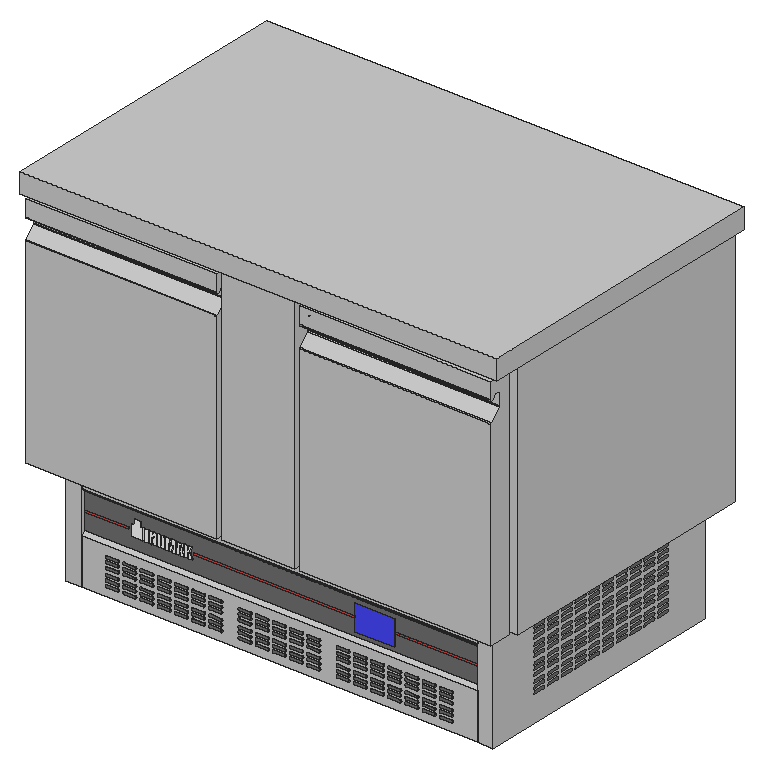
Revit family "QF_INOMAK_BPVP7300_250611012940", category Specialty Equipment, Revit 2021 (continued)
Definition of nested family "QF_INOMAK_REF_BASE_MOTOR_2920"
  Forms (mm)
    Extrusion 20, solid
      sketch origin (1041, 1580.136, -390.167) x (0, 1, 0) y (0, 0, -1)
        loop
          arc (-1922.436, -486.535) -> (-1919.436, -483.535) -> (-1922.436, -480.535) r 3
          line (-1922.436, -480.535) -> (-1946.436, -480.535)
          arc (-1946.436, -480.535) -> (-1949.436, -483.535) -> (-1946.436, -486.535) r 3
        loop
          line (-1907.436, -486.535) -> (-1883.436, -486.535)
          arc (-1883.436, -486.535) -> (-1880.436, -483.535) -> (-1883.436, -480.535) r 3
          line (-1883.436, -480.535) -> (-1907.436, -480.535)
          arc (-1907.436, -480.535) -> (-1910.436, -483.535) -> (-1907.436, -486.535) r 3
        loop
          line (-1868.436, -486.535) -> (-1844.436, -486.535)
          arc (-1844.436, -486.535) -> (-1841.436, -483.535) -> (-1844.436, -480.535) r 3
          line (-1844.436, -480.535) -> (-1868.436, -480.535)
          arc (-1868.436, -480.535) -> (-1871.436, -483.535) -> (-1868.436, -486.535) r 3
        loop
          line (-1829.436, -486.535) -> (-1805.436, -486.535)
          arc (-1805.436, -486.535) -> (-1802.436, -483.535) -> (-1805.436, -480.535) r 3
          line (-1805.436, -480.535) -> (-1829.436, -480.535)
          arc (-1829.436, -480.535) -> (-1832.436, -483.535) -> (-1829.436, -486.535) r 3
        loop
          line (-1790.436, -486.535) -> (-1766.436, -486.535)
          arc (-1766.436, -486.535) -> (-1763.436, -483.535) -> (-1766.436, -480.535) r 3
          line (-1766.436, -480.535) -> (-1790.436, -480.535)
          arc (-1790.436, -480.535) -> (-1793.436, -483.535) -> (-1790.436, -486.535) r 3
        loop
          line (-1751.436, -486.535) -> (-1727.436, -486.535)
          arc (-1727.436, -486.535) -> (-1724.436, -483.535) -> (-1727.436, -480.535) r 3
          line (-1727.436, -480.535) -> (-1751.436, -480.535)
          arc (-1751.436, -480.535) -> (-1754.436, -483.535) -> (-1751.436, -486.535) r 3
        loop
          line (-1985.436, -475.535) -> (-1961.436, -475.535)
          arc (-1961.436, -475.535) -> (-1958.436, -472.535) -> (-1961.436, -469.535) r 3
          line (-1961.436, -469.535) -> (-1985.436, -469.535)
          arc (-1985.436, -469.535) -> (-1988.436, -472.535) -> (-1985.436, -475.535) r 3
        loop
          line (-1946.436, -475.535) -> (-1922.436, -475.535)
          arc (-1922.436, -475.535) -> (-1919.436, -472.535) -> (-1922.436, -469.535) r 3
          line (-1922.436, -469.535) -> (-1946.436, -469.535)
          arc (-1946.436, -469.535) -> (-1949.436, -472.535) -> (-1946.436, -475.535) r 3
        loop
          line (-1907.436, -475.535) -> (-1883.436, -475.535)
          arc (-1883.436, -475.535) -> (-1880.436, -472.535) -> (-1883.436, -469.535) r 3
          line (-1883.436, -469.535) -> (-1907.436, -469.535)
          arc (-1907.436, -469.535) -> (-1910.436, -472.535) -> (-1907.436, -475.535) r 3
        loop
          line (-1868.436, -475.535) -> (-1844.436, -475.535)
          arc (-1844.436, -475.535) -> (-1841.436, -472.535) -> (-1844.436, -469.535) r 3
          line (-1844.436, -469.535) -> (-1868.436, -469.535)
          arc (-1868.436, -469.535) -> (-1871.436, -472.535) -> (-1868.436, -475.535) r 3
        loop
          line (-1829.436, -475.535) -> (-1805.436, -475.535)
          arc (-1805.436, -475.535) -> (-1802.436, -472.535) -> (-1805.436, -469.535) r 3
          line (-1805.436, -469.535) -> (-1829.436, -469.535)
          arc (-1829.436, -469.535) -> (-1832.436, -472.535) -> (-1829.436, -475.535) r 3
        loop
          line (-1790.436, -475.535) -> (-1766.436, -475.535)
          arc (-1766.436, -475.535) -> (-1763.436, -472.535) -> (-1766.436, -469.535) r 3
          line (-1766.436, -469.535) -> (-1790.436, -469.535)
          arc (-1790.436, -469.535) -> (-1793.436, -472.535) -> (-1790.436, -475.535) r 3
        loop
          line (-1751.436, -475.535) -> (-1727.436, -475.535)
          arc (-1727.436, -475.535) -> (-1724.436, -472.535) -> (-1727.436, -469.535) r 3
          line (-1727.436, -469.535) -> (-1751.436, -469.535)
          arc (-1751.436, -469.535) -> (-1754.436, -472.535) -> (-1751.436, -475.535) r 3
        loop
          line (-2102.436, -534.535) -> (-2078.436, -534.535)
          arc (-2078.436, -534.535) -> (-2075.436, -531.535) -> (-2078.436, -528.535) r 3
          line (-2078.436, -528.535) -> (-2102.436, -528.535)
          arc (-2102.436, -528.535) -> (-2105.436, -531.535) -> (-2102.436, -534.535) r 3
        loop
          line (-2063.436, -534.535) -> (-2039.436, -534.535)
          arc (-2039.436, -534.535) -> (-2036.436, -531.535) -> (-2039.436, -528.535) r 3
          line (-2039.436, -528.535) -> (-2063.436, -528.535)
          arc (-2063.436, -528.535) -> (-2066.436, -531.535) -> (-2063.436, -534.535) r 3
        loop
          line (-2024.436, -534.535) -> (-2000.436, -534.535)
          arc (-2000.436, -534.535) -> (-1997.436, -531.535) -> (-2000.436, -528.535) r 3
          line (-2000.436, -528.535) -> (-2024.436, -528.535)
          arc (-2024.436, -528.535) -> (-2027.436, -531.535) -> (-2024.436, -534.535) r 3
        loop
          line (-2102.436, -523.535) -> (-2078.436, -523.535)
          arc (-2078.436, -523.535) -> (-2075.436, -520.535) -> (-2078.436, -517.535) r 3
          line (-2078.436, -517.535) -> (-2102.436, -517.535)
          arc (-2102.436, -517.535) -> (-2105.436, -520.535) -> (-2102.436, -523.535) r 3
        loop
          line (-2063.436, -523.535) -> (-2039.436, -523.535)
          arc (-2039.436, -523.535) -> (-2036.436, -520.535) -> (-2039.436, -517.535) r 3
          line (-2039.436, -517.535) -> (-2063.436, -517.535)
          arc (-2063.436, -517.535) -> (-2066.436, -520.535) -> (-2063.436, -523.535) r 3
        loop
          line (-2024.436, -523.535) -> (-2000.436, -523.535)
          arc (-2000.436, -523.535) -> (-1997.436, -520.535) -> (-2000.436, -517.535) r 3
          line (-2000.436, -517.535) -> (-2024.436, -517.535)
          arc (-2024.436, -517.535) -> (-2027.436, -520.535) -> (-2024.436, -523.535) r 3
        loop
          line (-2102.436, -512.535) -> (-2078.436, -512.535)
          arc (-2078.436, -512.535) -> (-2075.436, -509.535) -> (-2078.436, -506.535) r 3
          line (-2078.436, -506.535) -> (-2102.436, -506.535)
          arc (-2102.436, -506.535) -> (-2105.436, -509.535) -> (-2102.436, -512.535) r 3
        loop
          line (-2063.436, -512.535) -> (-2039.436, -512.535)
          arc (-2039.436, -512.535) -> (-2036.436, -509.535) -> (-2039.436, -506.535) r 3
          line (-2039.436, -506.535) -> (-2063.436, -506.535)
          arc (-2063.436, -506.535) -> (-2066.436, -509.535) -> (-2063.436, -512.535) r 3
        loop
          line (-2024.436, -512.535) -> (-2000.436, -512.535)
          arc (-2000.436, -512.535) -> (-1997.436, -509.535) -> (-2000.436, -506.535) r 3
          line (-2000.436, -506.535) -> (-2024.436, -506.535)
          arc (-2024.436, -506.535) -> (-2027.436, -509.535) -> (-2024.436, -512.535) r 3
        loop
          line (-2102.436, -497.535) -> (-2078.436, -497.535)
          arc (-2078.436, -497.535) -> (-2075.436, -494.535) -> (-2078.436, -491.535) r 3
          line (-2078.436, -491.535) -> (-2102.436, -491.535)
          arc (-2102.436, -491.535) -> (-2105.436, -494.535) -> (-2102.436, -497.535) r 3
        loop
          line (-2063.436, -497.535) -> (-2039.436, -497.535)
          arc (-2039.436, -497.535) -> (-2036.436, -494.535) -> (-2039.436, -491.535) r 3
          line (-2039.436, -491.535) -> (-2063.436, -491.535)
          arc (-2063.436, -491.535) -> (-2066.436, -494.535) -> (-2063.436, -497.535) r 3
        loop
          line (-2024.436, -497.535) -> (-2000.436, -497.535)
          arc (-2000.436, -497.535) -> (-1997.436, -494.535) -> (-2000.436, -491.535) r 3
          line (-2000.436, -491.535) -> (-2024.436, -491.535)
          arc (-2024.436, -491.535) -> (-2027.436, -494.535) -> (-2024.436, -497.535) r 3
        loop
          line (-2102.436, -486.535) -> (-2078.436, -486.535)
          arc (-2078.436, -486.535) -> (-2075.436, -483.535) -> (-2078.436, -480.535) r 3
          line (-2078.436, -480.535) -> (-2102.436, -480.535)
          arc (-2102.436, -480.535) -> (-2105.436, -483.535) -> (-2102.436, -486.535) r 3
        loop
          line (-2063.436, -486.535) -> (-2039.436, -486.535)
          arc (-2039.436, -486.535) -> (-2036.436, -483.535) -> (-2039.436, -480.535) r 3
          line (-2039.436, -480.535) -> (-2063.436, -480.535)
          arc (-2063.436, -480.535) -> (-2066.436, -483.535) -> (-2063.436, -486.535) r 3
        loop
          line (-2024.436, -486.535) -> (-2000.436, -486.535)
          arc (-2000.436, -486.535) -> (-1997.436, -483.535) -> (-2000.436, -480.535) r 3
          line (-2000.436, -480.535) -> (-2024.436, -480.535)
          arc (-2024.436, -480.535) -> (-2027.436, -483.535) -> (-2024.436, -486.535) r 3
        loop
          line (-2102.436, -475.535) -> (-2078.436, -475.535)
          arc (-2078.436, -475.535) -> (-2075.436, -472.535) -> (-2078.436, -469.535) r 3
          line (-2078.436, -469.535) -> (-2102.436, -469.535)
          arc (-2102.436, -469.535) -> (-2105.436, -472.535) -> (-2102.436, -475.535) r 3
        loop
          line (-2063.436, -475.535) -> (-2039.436, -475.535)
          arc (-2039.436, -475.535) -> (-2036.436, -472.535) -> (-2039.436, -469.535) r 3
          line (-2039.436, -469.535) -> (-2063.436, -469.535)
          arc (-2063.436, -469.535) -> (-2066.436, -472.535) -> (-2063.436, -475.535) r 3
        loop
          line (-2024.436, -475.535) -> (-2000.436, -475.535)
          arc (-2000.436, -475.535) -> (-1997.436, -472.535) -> (-2000.436, -469.535) r 3
          line (-2000.436, -469.535) -> (-2024.436, -469.535)
          arc (-2024.436, -469.535) -> (-2027.436, -472.535) -> (-2024.436, -475.535) r 3
      from 16.5 to 19
  Lines and regions (mm)
    symbolic lines, visible <- "Show Clearance"
      curve 1: line (0, -700, 0) -> (0, -25, 0)
      curve 4: line (1080, -700, 0) -> (1080, -25, 0)
      curve 5: line (0, -25, 0) -> (1080, -25, 0)
      curve 6: line (1080, -700, 0) -> (0, -700, 0)
    symbolic lines
      curve 2: line (12, -1118, 0) -> (12, -700, 0)
      curve 3: arc (12, -1118, 0) -> (312.243, -995.109, 0) -> (447, -700, 0) r 440.665
      curve 7: line (1068, -1118, 0) -> (1068, -700, 0)
      curve 8: arc (1068, -1118, 0) -> (767.757, -995.109, 0) -> (633, -700, 0) r 440.665
  Dimensions and locks
    plane 3 "Left" to plane 4 "Right" = 1080 mm
    plane 5 "Front" to plane 1 "Back" = 700 mm
    plane 6 "Top" to level = 812 mm  (x2)
    aligned and locked: level to plane 2
Definition of nested family "QF_INOMAK_REF_COUNTERS_WORKTOPS_5707"
  Parameters (values of type "WTWA-1545-700")
    Worktop without backsplash [instance] = Worktop type = 3  # no
    Worktop with backsplash [instance] = Worktop type = 2  # yes
    Worktop type [instance] = 2
    Worktop thickness [instance] = 46 mm
    Without worktop [instance] = or(Worktop type > 3, Worktop type < 2)  # no
    Weight [instance] = 0.00 kg
    Warranty Start Date [instance] = ""
    Warranty Duration [instance] = ""
    URL Cutsheet [instance] = ""
    URL = "www.inomak.com"
    Technical Documentation [instance] = ""
    Tag Number [instance] = ""
    Status [instance] = ""
    Specification by User [instance] = ""
    Specification by Manufacturer [instance] = ""
    Sound Level [instance] = ""
    Solid Fuel Type [instance] = ""
    Show Logo [instance] = yes
    Show Clearances [instance] = yes
    Service Life Duration [instance] = ""
    Serial Number [instance] = ""
    Seismic Rating [instance] = ""
    SMACNA No [instance] = ""
    Revision Code [instance] = ""
    Revision [instance] = ""
    Production Year [instance] = ""
    Point Load [instance] = 0
    Other Equipment Approvals [instance] = ""
    NAFEM Spec ID Number [instance] = ""
    Model Warning [instance] = ""
    Model = "WTWA"
    Masterspec [instance] = ""
    Manufacturer = "INOMAK"
    Length Actual [instance] = 1546 mm
    Item Number [instance] = ""
    Installed By [instance] = ""
    Installation Date [instance] = ""
    Identify Quantity as Lot [instance] = yes
    ID [instance] = ""
    Hygiene Approval [instance] = ""
    Height Actual [instance] = 0 mm
    Height AFF [instance] = 0 mm
    Furnished By [instance] = ""
    Foodservice Equipment Identifier [instance] = yes
    Finish [instance] = none
    ETL Approved [instance] = yes
    Description = "WORKTOP WITH UPSTAND"
    Depth Actual [instance] = 700 mm
    Default Elevation = 0 mm
    CSI MasterFormat [instance] = ""
    CE Approved [instance] = yes
    Barcode [instance] = ""
    Backsplash thickness [instance] = 20 mm
    Backsplash height [instance] = 60 mm
    Author [instance] = ""
    Asset Identifier [instance] = ""
    Assembly Code = "E1090320"
    Accessory [instance] = yes
  Types (40, lengths in mm): name | Worktop without backsplash | Worktop with backsplash | Worktop type | Worktop thickness | Without worktop | Model | Length Actual | Description | Depth Actual
    WTWT-2240-700 | yes | no | 3 | 46 | no | "WTWT" | 2242 | "STANDARD WORKTOP" | 700
    WTWA-2240-700 | no | yes | 2 | 46 | no | "WTWA" | 2242 | "WORKTOP WITH UPSTAND" | 700
    WOWT-2240-700 | no | no | 1 | 46 | yes | "WOWT" | 2242 | "WITHOUT WORKTOP" | 700
    WTWA-1790-700 | no | yes | 2 | 46 | no | "WTWA" | 1792 | "WORKTOP WITH UPSTAND" | 700
    WTWA-1345-700 | no | yes | 2 | 46 | no | "WTWA" | 1342 | "WORKTOP WITH UPSTAND" | 700
    WOWT-1790-700 | no | no | 1 | 46 | yes | "WOWT" | 1792 | "WITHOUT WORKTOP" | 700
    WOWT-1345-700 | no | no | 1 | 46 | yes | "WOWT" | 1342 | "WITHOUT WORKTOP" | 700
    WTWT-1790-700 | yes | no | 3 | 46 | no | "WTWT" | 1792 | "STANDARD WORKTOP" | 700
    WTWT-1345-700 | yes | no | 3 | 46 | no | "WTWT" | 1342 | "STANDARD WORKTOP" | 700
    WTWA-1080-700 | no | yes | 2 | 46 | no | "WTWA" | 1080 | "WORKTOP WITH UPSTAND" | 700
    WTWT-1080-700 | yes | no | 3 | 46 | no | "WTWT" | 1080 | "STANDARD WORKTOP" | 700
    WTWA-1080-700-80 | no | yes | 2 | 80 | no | "WTWA-80" | 1080 | "WORKTOP WITH UPSTAND, 80CM DEEP WORKTOP" | 700
    WTWT-1080-700-80 | yes | no | 3 | 80 | no | "WTWT-80" | 1080 | "WORKTOP WITH 80CM DEEP" | 700
    WOWT-1345-600 | no | no | 1 | 46 | yes | "WOWT" | 1342 | "WITHOUT WORKTOP" | 600
    WOWT-1790-600 | no | no | 1 | 46 | yes | "WOWT" | 1792 | "WITHOUT WORKTOP" | 600
    WOWT-2240-600 | no | no | 1 | 46 | yes | "WOWT" | 2242 | "WITHOUT WORKTOP" | 600
    WTWA-1345-600 | no | yes | 2 | 46 | no | "WTWA" | 1342 | "WORKTOP WITH UPSTAND" | 600
    WTWA-1790-600 | no | yes | 2 | 46 | no | "WTWA" | 1792 | "WORKTOP WITH UPSTAND" | 600
    WTWA-2240-600 | no | yes | 2 | 46 | no | "WTWA" | 2242 | "WORKTOP WITH UPSTAND" | 600
    WTWT-1345-600 | yes | no | 3 | 46 | no | "WTWT" | 1342 | "STANDARD WORKTOP" | 600
    WTWT-1790-600 | yes | no | 3 | 46 | no | "WTWT" | 1792 | "STANDARD WORKTOP" | 600
    WTWT-2240-600 | yes | no | 3 | 46 | no | "WTWT" | 2242 | "STANDARD WORKTOP" | 600
    WOWT-1105-700 | no | no | 1 | 46 | yes | "WOWT" | 1103 | "WITHOUT WORKTOP" | 700
    WTWA-1105-700 | no | yes | 2 | 46 | no | "WTWA" | 1103 | "WORKTOP WITH UPSTAND" | 700
    WTWT-1105-700 | yes | no | 3 | 46 | no | "WTWT" | 1103 | "STANDARD WORKTOP" | 700
    WOWT-1545-700 | no | no | 1 | 46 | yes | "WOWT" | 1546 | "WITHOUT WORKTOP" | 700
    WOWT-1995-700 | no | no | 1 | 46 | yes | "WOWT" | 1996 | "WITHOUT WORKTOP" | 700
    WTWA-1545-700 | no | yes | 2 | 46 | no | "WTWA" | 1546 | "WORKTOP WITH UPSTAND" | 700
    WTWA-1995-700 | no | yes | 2 | 46 | no | "WTWA" | 1996 | "WORKTOP WITH UPSTAND" | 700
    WTWT-1545-700 | yes | no | 3 | 46 | no | "WTWT" | 1546 | "STANDARD WORKTOP" | 700
    WTWT-1995-700 | yes | no | 3 | 46 | no | "WTWT" | 1996 | "STANDARD WORKTOP" | 700
    WTWA-1105-600 | no | yes | 2 | 46 | no | "WTWA" | 1103 | "WORKTOP WITH UPSTAND" | 600
    WTWT-1105-600 | yes | no | 3 | 46 | no | "WTWT" | 1103 | "STANDARD WORKTOP" | 600
    WOWT-1105-600 | no | no | 1 | 46 | yes | "WOWT" | 1103 | "WITHOUT WORKTOP" | 600
    WOWT-1545-600 | no | no | 1 | 46 | yes | "WOWT" | 1546 | "WITHOUT WORKTOP" | 600
    WTWA-1545-600 | no | yes | 2 | 46 | no | "WTWA" | 1546 | "WORKTOP WITH UPSTAND" | 600
    WTWT-1545-600 | yes | no | 3 | 46 | no | "WTWT" | 1546 | "STANDARD WORKTOP" | 600
    WTWT-1995-600 | yes | no | 3 | 46 | no | "WTWT" | 1996 | "STANDARD WORKTOP" | 600
    WTWA-1995-600 | no | yes | 2 | 46 | no | "WTWA" | 1996 | "WORKTOP WITH UPSTAND" | 600
    WOWT-1995-600 | no | no | 1 | 46 | yes | "WOWT" | 1996 | "WITHOUT WORKTOP" | 600
  Reference planes
    plane 1 "Back": y = 0
    plane 2: z = 0
    plane 3 "Left": x = 0
    plane 4 "Right": x = 1546
    plane 5 "Front": y = -700
    plane 6 "Top": z = 46
    plane 7 "Backsplash thickness": y = -20
    plane 8 "Worktop bottom": z = 0
    plane 9 "Upright height": z = 106
    plane 10 "Center Left Right": x = 773
  Lines and regions (mm)
    reference lines
      curve 1: line (773, 0, 106) -> (773, -20, 106)
      curve 2: line (0, -700, 46) -> (1546, -700, 46)
      curve 3: line (1546, -700, 46) -> (1546, 0, 46)
      curve 4: line (0, -700, 46) -> (0, 0, 46)
      curve 5: line (0, 0, 46) -> (1546, 0, 46)
      curve 6: line (773, 0, 0) -> (773, -700, 0)
  Dimensions and locks
    "Length Actual": plane 3 "Left" to plane 4 "Right"
    "Depth Actual": plane 5 "Front" to plane 1 "Back"
    "Backsplash thickness": plane 7 "Backsplash thickness" to plane 1 "Back"
    "Worktop thickness": plane 6 "Top" to plane 8 "Worktop bottom"
    "Backsplash height": plane 9 "Upright height" to plane 6 "Top"
    "Backsplash height": curve 1 to plane 6 "Top"
    "Depth Actual": curve 2 to plane 1 "Back"
    "Length Actual": plane 3 "Left" to curve 3
    "Length Actual": curve 4 to plane 4 "Right"
    "Depth Actual": curve 5 to plane 5 "Front"
    equal spacing: plane 3 "Left", plane 10 "Center Left Right", plane 4 "Right"
    "Height AFF": plane 8 "Worktop bottom" to plane 2
    "Height AFF": curve 6 to plane 2
    aligned and locked: level to plane 2
    aligned and locked: plane 3 "Left" to nested 1
    aligned and locked: plane 1 "Back" to nested 1
  Automatic sketch dimensions
    curve 6 to plane 1 "Back" = 0 mm
    curve 1 to plane 1 "Back" = 0 mm
    curve 1 to plane 7 "Backsplash thickness" = 0 mm
    curve 6 to plane 5 "Front" = 0 mm
  Nested families
    nested 1: "Worktop" at (0, 0, 0), Length Actual <- "Length Actual", Depth Actual <- "Depth Actual", Height AFF <- "Height AFF", Worktop thickness <- "Worktop thickness", Backsplash thickness <- "Backsplash thickness", Backsplash height <- "Backsplash height", type "without backsplash"
      with Worktop thickness 46 mm, Length Actual 1546 mm, Height AFF 0 mm, Depth Actual 700 mm, Backsplash thickness 20 mm, Backsplash height 60 mm, Worktop without backsplash no, Worktop with backsplash yes
  Definition of nested family "Worktop"
    Parameters (values of type "with backsplash")
      Worktop without backsplash = no
      Worktop with backsplash = yes
      Worktop thickness [instance] = 40 mm
      Without worktop = no
      URL = ""
      Model = ""
      Manufacturer = ""
      Length Actual [instance] = 1200 mm
      Height AFF [instance] = 860 mm
      Finish = none
      Description = "TABLE WITH BACKSPLASH"
      Depth Actual [instance] = 700 mm
      Default Elevation = 0 mm
      Backsplash thickness [instance] = 20 mm
      Backsplash height [instance] = 100 mm
      Assembly Code = "E1090320"
    Types (3, lengths in mm): name | Worktop without backsplash | Worktop with backsplash | Without worktop
      with backsplash | no | yes | no
      without backsplash | yes | no | no
      without worktop | no | no | yes
    Reference planes
      plane 1 "Back": y = 0
      plane 2: z = 0
      plane 3 "Left": x = 0
      plane 4 "Right": x = 1200
      plane 5 "Front": y = -700
      plane 6 "Top": z = 900
      plane 7 "Backsplash thickness": y = -20
      plane 8 "Worktop bottom": z = 860
      plane 9 "Upright height": z = 1000
      plane 10 "Center Left Right": x = 600
    Forms (mm)
      Extrusion 1, solid, material <- "Finish", visible <- "Worktop with backsplash"
        sketch origin (0, 0, 0) x (0, 1, 0) y (0, 0, 1)
          loop
            line (0, 1000) -> (-20, 1000) -> (-20, 900) -> (-700, 900) -> (-700, 860) -> (0, 860) -> (0, 1000)
        from 0 to 1200
      Extrusion 2, solid, material <- "Finish", visible <- "Worktop without backsplash"
        sketch origin (0, 0, 0) x (0, 1, 0) y (0, 0, 1)
          loop
            line (0, 860) -> (0, 900) -> (-700, 900) -> (-700, 860) -> (0, 860)
        from 0 to 1200
    Lines and regions (mm)
      Masking region 1, visible <- "Worktop with backsplash"
        outline origin (0, 0, 900) x (0, 1, 0) y (-1, 0, 0)
          loop
            line (0, 0) -> (-700, 0) -> (-700, -1200) -> (0, -1200) -> (0, 0)
      Masking region 2, visible <- "Worktop without backsplash"
        outline origin (0, 0, 900) x (0, 1, 0) y (-1, 0, 0)
          loop
            line (0, 0) -> (-700, 0) -> (-700, -1200) -> (0, -1200) -> (0, 0)
      symbolic lines, visible <- "Worktop with backsplash"
        curve 1: line (0, 0, 0) -> (1200, 0, 0)
        curve 2: line (1200, 0, 0) -> (1200, -700, 0)
        curve 3: line (1200, -700, 0) -> (0, -700, 0)
        curve 4: line (0, -700, 0) -> (0, 0, 0)
        curve 5: line (0, -20, 0) -> (1200, -20, 0)
      symbolic lines, visible <- "Worktop without backsplash"
        curve 6: line (0, 0, 0) -> (1200, 0, 0)
        curve 7: line (1200, 0, 0) -> (1200, -700, 0)
        curve 8: line (1200, -700, 0) -> (0, -700, 0)
        curve 9: line (0, -700, 0) -> (0, 0, 0)
      symbolic lines, visible <- "Without worktop"
        curve 10: line (0, 0, 0) -> (1200, 0, 0)
        curve 11: line (1200, 0, 0) -> (1200, -700, 0)
        curve 12: line (1200, -700, 0) -> (0, -700, 0)
        curve 13: line (0, -700, 0) -> (0, 0, 0)
      reference lines
        curve 14: line (600, 0, 1000) -> (600, -20, 1000)
        curve 15: line (0, -700, 900) -> (1200, -700, 900)
        curve 16: line (1200, -700, 900) -> (1200, 0, 900)
        curve 17: line (0, -700, 900) -> (0, 0, 900)
        curve 18: line (0, 0, 900) -> (1200, 0, 900)
        curve 19: line (600, 0, 860) -> (600, -700, 860)
    Dimensions and locks
      "Length Actual": plane 3 "Left" to plane 4 "Right"
      "Depth Actual": plane 5 "Front" to plane 1 "Back"
      "Backsplash thickness": plane 7 "Backsplash thickness" to plane 1 "Back"
      "Worktop thickness": plane 6 "Top" to plane 8 "Worktop bottom"
      "Backsplash height": plane 9 "Upright height" to plane 6 "Top"
      "Backsplash height": curve 14 to plane 6 "Top"
      "Depth Actual": curve 15 to plane 1 "Back"
      "Length Actual": plane 3 "Left" to curve 16
      "Length Actual": curve 17 to plane 4 "Right"
      "Depth Actual": curve 18 to plane 5 "Front"
      equal spacing: plane 3 "Left", plane 10 "Center Left Right", plane 4 "Right"
      "Height AFF": plane 8 "Worktop bottom" to plane 2
      "Height AFF": curve 19 to plane 2
      aligned and locked: level to plane 2
      aligned and locked: Extrusion 1 to plane 4 "Right"
      aligned and locked: Extrusion 1 sketch curve to plane 7 "Backsplash thickness"
      aligned and locked: curve 5 to plane 7 "Backsplash thickness"
      aligned and locked: Extrusion 1 sketch curve to plane 8 "Worktop bottom"
      aligned and locked: plane 9 "Upright height" to Extrusion 1 sketch curve
      aligned and locked: plane 6 "Top" to Extrusion 1 sketch curve
      aligned and locked: plane 6 "Top" to Extrusion 2 sketch curve
      aligned and locked: Extrusion 2 sketch curve to plane 1 "Back"
      aligned and locked: Extrusion 2 sketch curve to plane 8 "Worktop bottom"
      aligned and locked: Extrusion 2 sketch curve to plane 5 "Front"
      aligned and locked: Extrusion 2 to plane 4 "Right"
      aligned and locked: Masking region 1 sketch curve to Extrusion 1  (x4)
      aligned and locked: Masking region 2 sketch curve to Extrusion 1  (x4)
    Automatic sketch dimensions
      plane 1 "Back" to curve 1 = 0 mm
      curve 13 to plane 3 "Left" = 0 mm
      curve 7 to plane 4 "Right" = 0 mm
      curve 13 to plane 5 "Front" = 0 mm
      Extrusion 1 sketch curve to plane 1 "Back" = 0 mm
      Extrusion 1 sketch curve to plane 5 "Front" = 0 mm
      curve 19 to plane 1 "Back" = 0 mm
      curve 14 to plane 1 "Back" = 0 mm
      curve 14 to plane 7 "Backsplash thickness" = 0 mm
      curve 19 to plane 5 "Front" = 0 mm
      curve 16 to plane 5 "Front" = 0 mm
      curve 17 to plane 5 "Front" = 0 mm
      plane 1 "Back" to curve 17 = 0 mm
      plane 1 "Back" to curve 16 = 0 mm
      curve 15 to plane 4 "Right" = 0 mm
      curve 18 to plane 4 "Right" = 0 mm
      curve 18 to plane 3 "Left" = 0 mm
      curve 15 to plane 3 "Left" = 0 mm
Definition of nested family "CONN_POINT_ELE_2D___Generic_Annotation"
  Parameters (values of type "CONN_POINT_ELE_2D___Generic_Annotation")
    Onboard connection annotation symbol visibility [instance] = yes
  Reference planes
    plane 1: y = 0
    plane 2: x = 0
  Lines and regions (mm)
    detail lines, visible <- "Onboard connection annotation symbol visibility"
      curve 1: circle (0, 0, 0) r 0.5 normal (0, 0, 1)
      curve 2: line (-1, 0, 0) -> (1, 0, 0)
      curve 3: line (0, 1, 0) -> (0, -1, 0)
      curve 4: line (2.5, 1, 0) -> (1.25, 1, 0)
      curve 5: line (1.25, 1, 0) -> (1.25, -1, 0)
      curve 6: line (1.25, -1, 0) -> (2.5, -1, 0)
      curve 7: line (1.25, 0, 0) -> (2, 0, 0)
